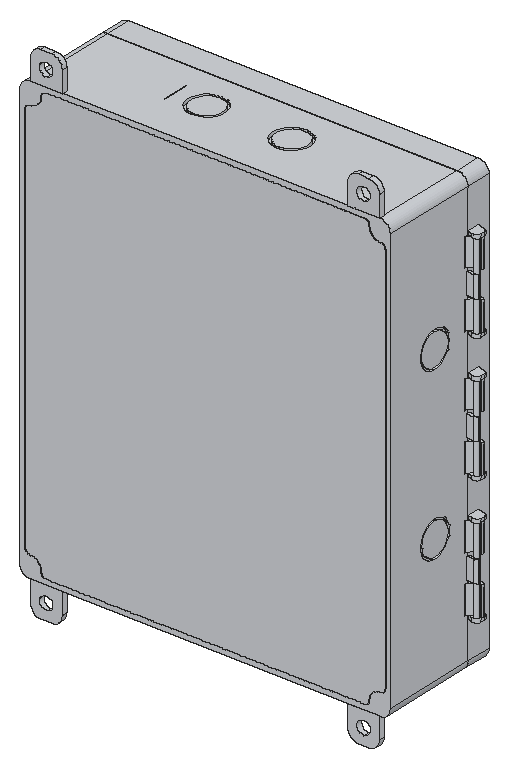
Revit family "Gas-Detectors-Control-Panel_GDCP-Touch_Brasch", category Generic Models, Revit 2025
Family settings
  Can host rebar = No
  Round Connector Dimension = Use Diameter
  Part Type = Normal
  Work Plane-Based = No
  Always vertical = Yes
  Cut with Voids When Loaded = No
  Maintain Annotation Orientation = No
  Shared = No
  Room Calculation Point = No
Parameters (values of type "GDCP-Touch, without any internal sensors")
  WIDTH = 8.72"
  URL = "https://braschenvtech.com/"
  Specification = "https://www.arcat.com/company/brasch-environmental-technologies-52580/spec"
  Product Page URL = "https://www.arcat.com/company/brasch-environmental-technologies-52580"
  Material = Gray
  Manufacturer = "Brasch Environmental Technologies"  # constant formula
  Keynote = "28 42 15"
  Input Voltage = "24 VAC"
  HEIGHT = 10.50"
  Default Elevation = 0.00"
  DEPTH = 2.90"
  Copyright = "@ARCAT"  # constant formula
  CAD Details = "https://www.arcat.com/company/brasch-environmental-technologies-52580/cad"
Reference planes (in)
  plane 1 "Center (Front/Back)": y = 0
  plane 2: z = 0
  plane 3 "Center (Left/Right)": x = 0
Forms (in)
  Extrusion 1, solid
    sketch origin (-4.37285, 0, 10.44843) x (0, 0, 1) y (-1, 0, 0)
      loop
        line (0.05157, -8.195) -> (0.05157, 0.025)
        arc (0.05157, 0.025) -> (-0.02165, 0.20178) -> (-0.19843, 0.275) r 0.25
        line (-0.19843, 0.275) -> (-10.19843, 0.275)
        arc (-10.19843, 0.275) -> (-10.37521, 0.20178) -> (-10.44843, 0.025) r 0.25
        line (-10.44843, 0.025) -> (-10.44843, -8.195)
        arc (-10.44843, -8.195) -> (-10.37521, -8.37178) -> (-10.19843, -8.445) r 0.25
        line (-10.19843, -8.445) -> (-0.19843, -8.445)
        arc (-0.19843, -8.445) -> (-0.02165, -8.37178) -> (0.05157, -8.195) r 0.25
      loop
        arc (-0.06843, -0.34997) -> (-0.10549, -0.26133) -> (-0.19462, -0.22546) r 0.12452
        arc (-0.19462, -0.22546) -> (-0.37407, -0.15113) -> (-0.44841, 0.02833) r 0.25379
        arc (-0.44841, 0.02833) -> (-0.48442, 0.1178) -> (-0.5734, 0.155) r 0.125
        line (-0.5734, 0.155) -> (-9.82346, 0.155)
        arc (-9.82346, 0.155) -> (-9.91244, 0.1178) -> (-9.94845, 0.02833) r 0.125
        arc (-9.94845, 0.02833) -> (-10.02279, -0.15113) -> (-10.20225, -0.22546) r 0.25379
        arc (-10.20225, -0.22546) -> (-10.29137, -0.26133) -> (-10.32843, -0.34997) r 0.12452
        line (-10.32843, -0.34997) -> (-10.32843, -7.82003)
        arc (-10.32843, -7.82003) -> (-10.29137, -7.90867) -> (-10.20225, -7.94454) r 0.12452
        arc (-10.20225, -7.94454) -> (-10.02279, -8.01887) -> (-9.94845, -8.19833) r 0.25379
        arc (-9.94845, -8.19833) -> (-9.91244, -8.2878) -> (-9.82346, -8.325) r 0.125
        line (-9.82346, -8.325) -> (-0.5734, -8.325)
        arc (-0.5734, -8.325) -> (-0.48442, -8.2878) -> (-0.44841, -8.19833) r 0.125
        arc (-0.44841, -8.19833) -> (-0.37407, -8.01887) -> (-0.19462, -7.94454) r 0.25379
        arc (-0.19462, -7.94454) -> (-0.10549, -7.90867) -> (-0.06843, -7.82003) r 0.12452
        line (-0.06843, -7.82003) -> (-0.06843, -0.34997)
    from 0 to -2.331
  Extrusion 2, solid
    sketch origin (0, 0, 0) x (1, 0, 0) y (0, 1, 0)
      loop
        line (4.1498, 2.38521) -> (4.07215, 2.276) -> (4.07215, 2.148)
        arc (4.07215, 2.148) -> (4.07469, 2.16427) -> (4.08205, 2.179) r 0.0535
        line (4.08205, 2.179) -> (4.20394, 2.35045)
        arc (4.20394, 2.35045) -> (4.25204, 2.37527) -> (4.30014, 2.35045) r 0.05902
        line (4.30014, 2.35045) -> (4.33643, 2.35045)
        arc (4.33643, 2.35045) -> (4.35667, 2.35809) -> (4.35724, 2.37971) r 0.01939
        arc (4.35724, 2.37971) -> (4.25498, 2.43774) -> (4.1498, 2.38521) r 0.125
    from 8.58333 to 9.25
  Extrusion 3, solid
    sketch origin (0, 0, -1.33333) x (1, 0, 0) y (0, 1, 0)
      loop
        line (4.1498, 2.38521) -> (4.07215, 2.276) -> (4.07215, 2.148)
        arc (4.07215, 2.148) -> (4.07469, 2.16427) -> (4.08205, 2.179) r 0.0535
        line (4.08205, 2.179) -> (4.20394, 2.35045)
        arc (4.20394, 2.35045) -> (4.25204, 2.37527) -> (4.30014, 2.35045) r 0.05902
        line (4.30014, 2.35045) -> (4.33643, 2.35045)
        arc (4.33643, 2.35045) -> (4.35667, 2.35809) -> (4.35724, 2.37971) r 0.01939
        arc (4.35724, 2.37971) -> (4.25498, 2.43774) -> (4.1498, 2.38521) r 0.125
    from 8.58333 to 9.25
  Extrusion 4, solid
    sketch origin (0, 0, -3) x (1, 0, 0) y (0, 1, 0)
      loop
        line (4.1498, 2.38521) -> (4.07215, 2.276) -> (4.07215, 2.148)
        arc (4.07215, 2.148) -> (4.07469, 2.16427) -> (4.08205, 2.179) r 0.0535
        line (4.08205, 2.179) -> (4.20394, 2.35045)
        arc (4.20394, 2.35045) -> (4.25204, 2.37527) -> (4.30014, 2.35045) r 0.05902
        line (4.30014, 2.35045) -> (4.33643, 2.35045)
        arc (4.33643, 2.35045) -> (4.35667, 2.35809) -> (4.35724, 2.37971) r 0.01939
        arc (4.35724, 2.37971) -> (4.25498, 2.43774) -> (4.1498, 2.38521) r 0.125
    from 8.58333 to 9.25
  Extrusion 5, solid
    sketch origin (0, 0, -4.33333) x (1, 0, 0) y (0, 1, 0)
      loop
        line (4.1498, 2.38521) -> (4.07215, 2.276) -> (4.07215, 2.148)
        arc (4.07215, 2.148) -> (4.07469, 2.16427) -> (4.08205, 2.179) r 0.0535
        line (4.08205, 2.179) -> (4.20394, 2.35045)
        arc (4.20394, 2.35045) -> (4.25204, 2.37527) -> (4.30014, 2.35045) r 0.05902
        line (4.30014, 2.35045) -> (4.33643, 2.35045)
        arc (4.33643, 2.35045) -> (4.35667, 2.35809) -> (4.35724, 2.37971) r 0.01939
        arc (4.35724, 2.37971) -> (4.25498, 2.43774) -> (4.1498, 2.38521) r 0.125
    from 8.58333 to 9.25
  Extrusion 6, solid
    sketch origin (0, 0, -6) x (1, 0, 0) y (0, 1, 0)
      loop
        line (4.1498, 2.38521) -> (4.07215, 2.276) -> (4.07215, 2.148)
        arc (4.07215, 2.148) -> (4.07469, 2.16427) -> (4.08205, 2.179) r 0.0535
        line (4.08205, 2.179) -> (4.20394, 2.35045)
        arc (4.20394, 2.35045) -> (4.25204, 2.37527) -> (4.30014, 2.35045) r 0.05902
        line (4.30014, 2.35045) -> (4.33643, 2.35045)
        arc (4.33643, 2.35045) -> (4.35667, 2.35809) -> (4.35724, 2.37971) r 0.01939
        arc (4.35724, 2.37971) -> (4.25498, 2.43774) -> (4.1498, 2.38521) r 0.125
    from 8.58333 to 9.25
  Extrusion 7, solid
    sketch origin (0, 0, -7.33333) x (1, 0, 0) y (0, 1, 0)
      loop
        line (4.1498, 2.38521) -> (4.07215, 2.276) -> (4.07215, 2.148)
        arc (4.07215, 2.148) -> (4.07469, 2.16427) -> (4.08205, 2.179) r 0.0535
        line (4.08205, 2.179) -> (4.20394, 2.35045)
        arc (4.20394, 2.35045) -> (4.25204, 2.37527) -> (4.30014, 2.35045) r 0.05902
        line (4.30014, 2.35045) -> (4.33643, 2.35045)
        arc (4.33643, 2.35045) -> (4.35667, 2.35809) -> (4.35724, 2.37971) r 0.01939
        arc (4.35724, 2.37971) -> (4.25498, 2.43774) -> (4.1498, 2.38521) r 0.125
    from 8.58333 to 9.25
  Extrusion 8, solid
    sketch origin (0, 0, 0) x (1, 0, 0) y (0, 1, 0)
      loop
        line (4.07215, 2.211) -> (4.27015, 2.211)
        arc (4.27015, 2.211) -> (4.31106, 2.21894) -> (4.34602, 2.24159) r 0.10938
        arc (4.34602, 2.24159) -> (4.3507, 2.26348) -> (4.33215, 2.276) r 0.02
        line (4.33215, 2.276) -> (4.30015, 2.276)
        arc (4.30015, 2.276) -> (4.25165, 2.25147) -> (4.20315, 2.276) r 0.0602
        line (4.20315, 2.276) -> (4.07215, 2.276) -> (4.07215, 2.211)
    from 7.99997 to 8.50003
  Extrusion 9, solid
    sketch origin (0, 0, -3) x (1, 0, 0) y (0, 1, 0)
      loop
        line (4.07215, 2.211) -> (4.27015, 2.211)
        arc (4.27015, 2.211) -> (4.31106, 2.21894) -> (4.34602, 2.24159) r 0.10938
        arc (4.34602, 2.24159) -> (4.3507, 2.26348) -> (4.33215, 2.276) r 0.02
        line (4.33215, 2.276) -> (4.30015, 2.276)
        arc (4.30015, 2.276) -> (4.25165, 2.25147) -> (4.20315, 2.276) r 0.0602
        line (4.20315, 2.276) -> (4.07215, 2.276) -> (4.07215, 2.211)
    from 7.99997 to 8.50003
  Extrusion 10, solid
    sketch origin (0, 0, -6) x (1, 0, 0) y (0, 1, 0)
      loop
        line (4.07215, 2.211) -> (4.27015, 2.211)
        arc (4.27015, 2.211) -> (4.31106, 2.21894) -> (4.34602, 2.24159) r 0.10938
        arc (4.34602, 2.24159) -> (4.3507, 2.26348) -> (4.33215, 2.276) r 0.02
        line (4.33215, 2.276) -> (4.30015, 2.276)
        arc (4.30015, 2.276) -> (4.25165, 2.25147) -> (4.20315, 2.276) r 0.0602
        line (4.20315, 2.276) -> (4.07215, 2.276) -> (4.07215, 2.211)
    from 7.99997 to 8.50003
  Extrusion 11, solid
    sketch origin (-4.1404, 0.12, 0.33138) x (0, 0, -1) y (-1, 0, 0)
      loop
        circle (-9.57553, -6.20256) r 0.14
      loop
        circle (-9.57553, -6.20256) r 0.05482
      loop
        circle (-9.57244, -1.5026) r 0.14
      loop
        circle (-9.57244, -1.5026) r 0.05482
      loop
        circle (-4.87594, -1.50149) r 0.14
      loop
        circle (-4.87594, -1.50149) r 0.05482
      loop
        circle (-4.87612, -6.20255) r 0.14
      loop
        circle (-4.87612, -6.20255) r 0.05482
    from 0 to 2.278
  Extrusion 12, solid
    sketch origin (-2.8954, 0.12, -3.98112) x (0, 0, -1) y (-1, 0, 0)
      loop
        circle (-4.87612, -6.20255) r 0.14
      loop
        circle (-4.87612, -6.20255) r 0.06853
      loop
        circle (-4.87612, -5.58255) r 0.14
      loop
        circle (-4.87612, -5.58255) r 0.06853
      loop
        circle (-4.87612, -2.91755) r 0.14
      loop
        circle (-4.87612, -2.91755) r 0.06853
      loop
        circle (-4.87612, -2.29755) r 0.14
      loop
        circle (-4.87612, -2.29755) r 0.06853
      loop
        circle (-4.87612, 0.98731) r 0.14
      loop
        circle (-4.87612, 0.98731) r 0.06853
      loop
        circle (-12.14112, 0.98745) r 0.14
      loop
        circle (-12.14112, 0.98745) r 0.06853
      loop
        circle (-12.14112, -6.20255) r 0.14
      loop
        circle (-12.14112, -6.20255) r 0.06853
      loop
        circle (-13.34612, -4.25005) r 0.14
      loop
        circle (-13.34612, -4.25005) r 0.06853
      loop
        circle (-13.34612, -0.96505) r 0.14
      loop
        circle (-13.34612, -0.96505) r 0.06853
      loop
        circle (-11.03862, -2.60755) r 0.14
      loop
        circle (-11.03862, -2.60755) r 0.06853
      loop
        circle (-9.48612, -0.96505) r 0.14
      loop
        circle (-9.48612, -0.96505) r 0.06853
      loop
        circle (-9.48612, -4.25005) r 0.14
      loop
        circle (-9.48612, -4.25005) r 0.06853
      loop
        circle (-9.88824, -6.211) r 0.14
      loop
        circle (-9.88824, -6.211) r 0.06853
      loop
        circle (-8.73612, -6.20255) r 0.14
      loop
        circle (-8.73612, -6.20255) r 0.06853
      loop
        circle (-8.73612, -5.58255) r 0.14
      loop
        circle (-8.73612, -5.58255) r 0.06853
      loop
        circle (-8.73612, -2.91755) r 0.14
      loop
        circle (-8.73612, -2.91755) r 0.06853
      loop
        circle (-8.73612, -2.29755) r 0.14
      loop
        circle (-8.73612, -2.29755) r 0.06853
      loop
        circle (-8.73612, 0.98745) r 0.14
      loop
        circle (-8.73612, 0.98745) r 0.06853
      loop
        circle (-9.93612, 0.98745) r 0.14
      loop
        circle (-9.93612, 0.98745) r 0.06853
    from 0 to 0.4
  Extrusion 13, solid
    sketch origin (-2.7504, 0.12, -4.27612) x (0, 0, -1) y (-1, 0, 0)
      loop
        circle (-4.87612, -6.20255) r 0.14
      loop
        circle (-4.87612, -6.20255) r 0.06853
      loop
        circle (-4.87612, 1.27745) r 0.14
      loop
        circle (-4.87612, 1.27745) r 0.06853
      loop
        circle (-14.17612, 1.27745) r 0.14
      loop
        circle (-14.17612, 1.27745) r 0.06853
      loop
        circle (-14.17612, -6.20255) r 0.14
      loop
        circle (-14.17612, -6.20255) r 0.06853
      loop
        circle (-9.52612, -2.46255) r 0.14
      loop
        circle (-9.52612, -2.46255) r 0.06853
    from 0 to 0.2
  Extrusion 14, solid
    sketch origin (1.94394, 0.7353, 5.1325) x (0, 1, 0) y (-1, 0, 0)
      loop
        line (-0.6153, 0.44574) -> (-0.6153, 0.00939) -> (-0.01296, 0.00939) -> (-0.6153, 0.44574)
      loop
        line (0, 4.46357) -> (-0.6153, 4.46357) -> (-0.6153, 4.01783) -> (0, 4.46357)
    from 0 to 0.15
  Extrusion 15, solid
    sketch origin (1.94393, 0.7353, 9.8315) x (0, 1, 0) y (-1, 0, 0)
      loop
        line (-0.6153, 0.44574) -> (-0.6153, 0.00939) -> (-0.01296, 0.00939) -> (-0.6153, 0.44574)
      loop
        line (0, 4.46357) -> (-0.6153, 4.46357) -> (-0.6153, 4.01783) -> (0, 4.46357)
    from 0 to 0.15
  Extrusion 16, solid
    sketch origin (-2.56285, 0.7353, 5.32572) x (0, 0, -1) y (0, 1, 0)
      loop
        line (0, 0) -> (-0.44574, -0.6153) -> (0, -0.6153) -> (0, 0)
      loop
        line (-4.46357, -0.6153) -> (-4.01683, -0.6153) -> (-4.46357, 0.00138) -> (-4.46357, -0.6153)
    from 0 to -0.15
  Extrusion 17, solid
    sketch origin (2.13635, 0.7353, 5.32572) x (0, 0, -1) y (0, 1, 0)
      loop
        line (0, 0) -> (-0.44574, -0.6153) -> (0, -0.6153) -> (0, 0)
      loop
        line (-4.46357, -0.6153) -> (-4.01683, -0.6153) -> (-4.46357, 0.00138) -> (-4.46357, -0.6153)
    from 0 to -0.15
  Extrusion 18, solid
    sketch origin (-4.1404, 0.12, 0.33138) x (0, 0, -1) y (-1, 0, 0)
      loop
        line (-10.04862, -0.11752) -> (-10.04862, -7.58759)
        arc (-10.04862, -7.58759) -> (-10.01156, -7.67622) -> (-9.92244, -7.7121) r 0.12452
        arc (-9.92244, -7.7121) -> (-9.74298, -7.78643) -> (-9.66864, -7.96589) r 0.25379
        arc (-9.66864, -7.96589) -> (-9.63263, -8.05535) -> (-9.54366, -8.09256) r 0.125
        line (-9.54366, -8.09256) -> (-0.29359, -8.09256)
        arc (-0.29359, -8.09256) -> (-0.20461, -8.05535) -> (-0.1686, -7.96589) r 0.125
        arc (-0.1686, -7.96589) -> (-0.09427, -7.78643) -> (0.08519, -7.7121) r 0.25379
        arc (0.08519, -7.7121) -> (0.17432, -7.67622) -> (0.21138, -7.58759) r 0.12452
        line (0.21138, -7.58759) -> (0.21138, -0.11752)
        arc (0.21138, -0.11752) -> (0.17432, -0.02889) -> (0.08519, 0.00698) r 0.12452
        arc (0.08519, 0.00698) -> (-0.09427, 0.08132) -> (-0.1686, 0.26078) r 0.25379
        arc (-0.1686, 0.26078) -> (-0.20461, 0.35024) -> (-0.29359, 0.38744) r 0.125
        line (-0.29359, 0.38744) -> (-9.54366, 0.38744)
        arc (-9.54366, 0.38744) -> (-9.63263, 0.35024) -> (-9.66864, 0.26078) r 0.125
        arc (-9.66864, 0.26078) -> (-9.74298, 0.08132) -> (-9.92244, 0.00698) r 0.25379
        arc (-9.92244, 0.00698) -> (-10.01156, -0.02889) -> (-10.04862, -0.11752) r 0.12452
    from 0 to -0.12
  Extrusion 19, solid
    sketch origin (-4.1404, 0.12, 0.33138) x (0, 0, -1) y (-1, 0, 0)
      loop
        line (0.83138, 0.25744) -> (0.33138, 0.25744) -> (0.33138, -0.49256) -> (0.83138, -0.49256)
        arc (0.83138, -0.49256) -> (1.00815, -0.41933) -> (1.08138, -0.24256) r 0.25
        line (1.08138, -0.24256) -> (1.08138, 0.00744)
        arc (1.08138, 0.00744) -> (1.00815, 0.18422) -> (0.83138, 0.25744) r 0.25
      loop
        line (0.83138, -7.21256) -> (0.33138, -7.21256) -> (0.33138, -7.96256) -> (0.83138, -7.96256)
        arc (0.83138, -7.96256) -> (1.00815, -7.88933) -> (1.08138, -7.71256) r 0.25
        line (1.08138, -7.71256) -> (1.08138, -7.46256)
        arc (1.08138, -7.46256) -> (1.00815, -7.28578) -> (0.83138, -7.21256) r 0.25
      loop
        circle (0.70638, -0.11756) r 0.16
      loop
        circle (0.70638, -7.58756) r 0.16
      loop
        arc (-10.66862, 0.25744) -> (-10.8454, 0.18422) -> (-10.91862, 0.00744) r 0.25
        line (-10.91862, 0.00744) -> (-10.91862, -0.24256)
        arc (-10.91862, -0.24256) -> (-10.8454, -0.41933) -> (-10.66862, -0.49256) r 0.25
        line (-10.66862, -0.49256) -> (-10.16862, -0.49256) -> (-10.16862, 0.25744) -> (-10.66862, 0.25744)
      loop
        arc (-10.66862, -7.21256) -> (-10.8454, -7.28578) -> (-10.91862, -7.46256) r 0.25
        line (-10.91862, -7.46256) -> (-10.91862, -7.71256)
        arc (-10.91862, -7.71256) -> (-10.8454, -7.88933) -> (-10.66862, -7.96256) r 0.25
        line (-10.66862, -7.96256) -> (-10.16862, -7.96256) -> (-10.16862, -7.21256) -> (-10.66862, -7.21256)
      loop
        circle (-10.54362, -0.11756) r 0.16
      loop
        circle (-10.54362, -7.58756) r 0.16
    from 0 to -0.12
  Extrusion 20, void
    sketch origin (-4.64785, 0, 10.25) x (0, 0, 1) y (0, -1, 0)
      loop
        circle (-3, -1.3) r 0.4375
      loop
        circle (-3, -1.3) r 0.375
      loop
        circle (-7.00175, -1.30665) r 0.4375
      loop
        circle (-7.00175, -1.30665) r 0.375
    from 0 to 0.066
  Extrusion 21, void
    sketch origin (4.07215, 0, 10.25) x (0, 0, 1) y (0, 1, 0)
      loop
        circle (-3, 1.3) r 0.4375
      loop
        circle (-3, 1.3) r 0.375
      loop
        circle (-7.00175, 1.30665) r 0.4375
      loop
        circle (-7.00175, 1.30665) r 0.375
    from 0 to 0.066
  Extrusion 22, void
    sketch origin (3.82215, 0, 10.5) x (0, -1, 0) y (-1, 0, 0)
      loop
        circle (-1.3, 3.11) r 0.4375
      loop
        circle (-1.3, 3.11) r 0.375
      loop
        circle (-1.3, 5.11) r 0.4375
      loop
        circle (-1.3, 5.11) r 0.375
    from 0 to 0.066
  Extrusion 23, void
    sketch origin (3.82215, 0, 0) x (1, 0, 0) y (0, 1, 0)
      loop
        circle (-4.11, 1.3) r 0.4375
      loop
        circle (-4.11, 1.3) r 0.375
      loop
        circle (-6.11, 1.3) r 0.4375
      loop
        circle (-6.11, 1.3) r 0.375
      loop
        circle (-2.11, 1.3) r 0.4375
      loop
        circle (-2.11, 1.3) r 0.375
    from 0 to 0.066
  Extrusion 24, void
    sketch origin (-4.1404, 0.12, 0.33138) x (0, 0, 1) y (-1, 0, 0)
      loop
        circle (9.91862, -7.96256) r 0.095
      loop
        circle (9.91862, 0.25744) r 0.095
      loop
        circle (-0.08138, 0.25744) r 0.095
      loop
        circle (-0.08138, -7.96256) r 0.095
    from 0 to -2.211
  Extrusion 25, void
    sketch origin (-4.1404, 0.12, 0.33138) x (0, 0, 1) y (-1, 0, 0)
      loop
        arc (0.11752, -7.96526) -> (0.1677, -8.08884) -> (0.2908, -8.14017) r 0.17328
        line (0.2908, -8.14017) -> (9.53397, -8.14017)
        arc (9.53397, -8.14017) -> (9.65805, -8.08761) -> (9.70665, -7.96192) r 0.17276
        arc (9.70665, -7.96192) -> (9.76671, -7.81193) -> (9.91574, -7.74951) r 0.20912
        arc (9.91574, -7.74951) -> (10.05002, -7.70032) -> (10.10658, -7.56896) r 0.18083
        line (10.10658, -7.56896) -> (10.10658, -0.1171)
        arc (10.10658, -0.1171) -> (10.06269, 0.00019) -> (9.95259, 0.05987) r 0.17868
        arc (9.95259, 0.05987) -> (9.79087, 0.1073) -> (9.72085, 0.2606) r 0.2028
        arc (9.72085, 0.2606) -> (9.67059, 0.38594) -> (9.54602, 0.43809) r 0.17486
        line (9.54602, 0.43809) -> (0.29665, 0.43809)
        arc (0.29665, 0.43809) -> (0.17157, 0.3861) -> (0.12017, 0.26078) r 0.17649
        arc (0.12017, 0.26078) -> (0.06099, 0.11654) -> (-0.08244, 0.05543) r 0.20536
        arc (-0.08244, 0.05543) -> (-0.20825, 0.00618) -> (-0.26095, -0.11821) r 0.1741
        line (-0.26095, -0.11821) -> (-0.26095, -7.58775)
        arc (-0.26095, -7.58775) -> (-0.20934, -7.71155) -> (-0.08507, -7.76202) r 0.17428
        arc (-0.08507, -7.76202) -> (0.05822, -7.82177) -> (0.11752, -7.96526) r 0.20324
      loop
        line (-0.33138, 0.25744) -> (-0.33138, -7.96256)
        arc (-0.33138, -7.96256) -> (-0.25815, -8.13933) -> (-0.08138, -8.21256) r 0.25
        line (-0.08138, -8.21256) -> (9.91862, -8.21256)
        arc (9.91862, -8.21256) -> (10.0954, -8.13933) -> (10.16862, -7.96256) r 0.25
        line (10.16862, -7.96256) -> (10.16862, 0.25744)
        arc (10.16862, 0.25744) -> (10.0954, 0.43422) -> (9.91862, 0.50744) r 0.25
        line (9.91862, 0.50744) -> (-0.08138, 0.50744)
        arc (-0.08138, 0.50744) -> (-0.25815, 0.43422) -> (-0.33138, 0.25744) r 0.25
    from -2.156 to -2.211
Cuts and joins
  Extrusion 20, Extrusion 21, Extrusion 22, Extrusion 23, Extrusion 24, Extrusion 25 cuts Extrusion 1
Dimensions and locks (in)
  aligned and locked: plane 2 to level
Nested families (in)
  nested 1: "GDCP lid" at (-0.28689, 2.77823, 0) x (-1, 0, 0) z (0, 0, 1), type "GDCP lid"
Definition of nested family "GDCP lid"
  Parameters
    Default Elevation = 0.00"
  Reference planes (in)
    plane 1 "Center (Front/Back)": y = 0
    plane 2: z = 0
    plane 3 "Center (Left/Right)": x = 0
  Forms (in)
    Extrusion 1, solid
      sketch origin (3.15, 0.11, 9.8) x (0, 0, 1) y (1, 0, 0)
        loop
          line (0.7, -7.26) -> (0.7, 0.96)
          arc (0.7, 0.96) -> (0.62678, 1.13678) -> (0.45, 1.21) r 0.25
          line (0.45, 1.21) -> (-9.55, 1.21)
          arc (-9.55, 1.21) -> (-9.72678, 1.13678) -> (-9.8, 0.96) r 0.25
          line (-9.8, 0.96) -> (-9.8, -7.26)
          arc (-9.8, -7.26) -> (-9.72678, -7.43678) -> (-9.55, -7.51) r 0.25
          line (-9.55, -7.51) -> (0.45, -7.51)
          arc (0.45, -7.51) -> (0.62678, -7.43678) -> (0.7, -7.26) r 0.25
        loop
          arc (0.48, 0.58503) -> (0.19365, 0.70365) -> (0.07503, 0.99) r 0.40497
          line (0.07503, 0.99) -> (-9.17503, 0.99)
          arc (-9.17503, 0.99) -> (-9.29365, 0.70365) -> (-9.58, 0.58503) r 0.40497
          line (-9.58, 0.58503) -> (-9.58, -6.88503)
          arc (-9.58, -6.88503) -> (-9.29365, -7.00365) -> (-9.17503, -7.29) r 0.40497
          line (-9.17503, -7.29) -> (0.07503, -7.29)
          arc (0.07503, -7.29) -> (0.19365, -7.00365) -> (0.48, -6.88503) r 0.40497
          line (0.48, -6.88503) -> (0.48, 0.58503)
      from 0 to -0.61
    Extrusion 2, solid
      sketch origin (3.15, 0.11, 9.8) x (0, 0, 1) y (1, 0, 0)
        loop
          line (0.07503, 0.99) -> (-9.17503, 0.99)
          arc (-9.17503, 0.99) -> (-9.29365, 0.70365) -> (-9.58, 0.58503) r 0.40497
          line (-9.58, 0.58503) -> (-9.58, -6.88503)
          arc (-9.58, -6.88503) -> (-9.29365, -7.00365) -> (-9.17503, -7.29) r 0.40497
          line (-9.17503, -7.29) -> (0.07503, -7.29)
          arc (0.07503, -7.29) -> (0.19365, -7.00365) -> (0.48, -6.88503) r 0.40497
          line (0.48, -6.88503) -> (0.48, 0.58503)
          arc (0.48, 0.58503) -> (0.19365, 0.70365) -> (0.07503, 0.99) r 0.40497
      from 0 to -0.11
    Extrusion 3, void
      sketch origin (3.15, 0.11, 9.8) x (0, 0, 1) y (1, 0, 0)
        loop
          line (-9.17396, -7.345) -> (0.07503, -7.345)
          arc (0.07503, -7.345) -> (0.13236, -7.32126) -> (0.1561, -7.26393) r 0.08107
          arc (0.1561, -7.26393) -> (0.25319, -7.04324) -> (0.47998, -6.96138) r 0.30599
          arc (0.47998, -6.96138) -> (0.51645, -6.93752) -> (0.535, -6.8981) r 0.08
          line (0.535, -6.8981) -> (0.535, 0.5981)
          arc (0.535, 0.5981) -> (0.51645, 0.63752) -> (0.47998, 0.66138) r 0.08
          arc (0.47998, 0.66138) -> (0.25319, 0.74324) -> (0.1561, 0.96393) r 0.30599
          arc (0.1561, 0.96393) -> (0.13236, 1.02126) -> (0.07503, 1.045) r 0.08107
          line (0.07503, 1.045) -> (-9.17396, 1.045)
          arc (-9.17396, 1.045) -> (-9.23128, 1.02126) -> (-9.25503, 0.96393) r 0.08107
          arc (-9.25503, 0.96393) -> (-9.35212, 0.74324) -> (-9.57891, 0.66138) r 0.30599
          arc (-9.57891, 0.66138) -> (-9.61947, 0.6324) -> (-9.635, 0.58503) r 0.08
          line (-9.635, 0.58503) -> (-9.635, -6.88503)
          arc (-9.635, -6.88503) -> (-9.61947, -6.9324) -> (-9.57891, -6.96138) r 0.08
          arc (-9.57891, -6.96138) -> (-9.35212, -7.04324) -> (-9.25503, -7.26393) r 0.30599
          arc (-9.25503, -7.26393) -> (-9.23128, -7.32126) -> (-9.17396, -7.345) r 0.08107
        loop
          arc (0.07611, -7.445) -> (0.18268, -7.41006) -> (0.24788, -7.31879) r 0.18
          arc (0.24788, -7.31879) -> (0.31568, -7.1246) -> (0.50987, -7.05681) r 0.23668
          arc (0.50987, -7.05681) -> (0.60673, -6.98353) -> (0.635, -6.8654) r 0.18
          line (0.635, -6.8654) -> (0.635, 0.5654)
          arc (0.635, 0.5654) -> (0.60673, 0.68353) -> (0.50987, 0.75681) r 0.18
          arc (0.50987, 0.75681) -> (0.31568, 0.8246) -> (0.24788, 1.01879) r 0.23668
          arc (0.24788, 1.01879) -> (0.18268, 1.11006) -> (0.07611, 1.145) r 0.18
          line (0.07611, 1.145) -> (-9.17503, 1.145)
          arc (-9.17503, 1.145) -> (-9.28161, 1.11006) -> (-9.34681, 1.01879) r 0.18
          arc (-9.34681, 1.01879) -> (-9.4146, 0.8246) -> (-9.60879, 0.75681) r 0.23668
          arc (-9.60879, 0.75681) -> (-9.70006, 0.69161) -> (-9.735, 0.58503) r 0.18
          line (-9.735, 0.58503) -> (-9.735, -6.88503)
          arc (-9.735, -6.88503) -> (-9.70006, -6.99161) -> (-9.60879, -7.05681) r 0.18
          arc (-9.60879, -7.05681) -> (-9.4146, -7.1246) -> (-9.34681, -7.31879) r 0.23668
          arc (-9.34681, -7.31879) -> (-9.28161, -7.41006) -> (-9.17503, -7.445) r 0.18
          line (-9.17503, -7.445) -> (0.07611, -7.445)
      from -0.61 to -0.512
    Extrusion 4, void
      sketch origin (3.15, 0.11, 9.8) x (0, 0, 1) y (1, 0, 0)
        loop
          circle (0.45, -7.26) r 0.0705
        loop
          circle (0.45, 0.96) r 0.0705
        loop
          circle (-9.55, 0.96) r 0.0705
        loop
          circle (-9.55, -7.26) r 0.0705
      from -0.04 to -0.61
    Extrusion 5, solid
      sketch origin (-4.505, -0.40438, 9.2625) x (0, 1, 0) y (-1, 0, 0)
        loop
          arc (0.11037, 0.08715) -> (0.08218, 0.12192) -> (0.03938, 0.135) r 0.07659
          line (0.03938, 0.135) -> (-0.06062, 0.135)
          arc (-0.06062, 0.135) -> (-0.14355, 0.09089) -> (-0.15331, -0.00253) r 0.1
          line (-0.15331, -0.00253) -> (-0.09562, -0.145) -> (0.20438, -0.145) -> (0.11037, 0.08715)
      from 0 to 0.075
    Extrusion 6, solid
      sketch origin (-4.505, -0.40438, 7.1525) x (0, 1, 0) y (-1, 0, 0)
        loop
          arc (0.11037, 0.08715) -> (0.08218, 0.12192) -> (0.03938, 0.135) r 0.07659
          line (0.03938, 0.135) -> (-0.06062, 0.135)
          arc (-0.06062, 0.135) -> (-0.14355, 0.09089) -> (-0.15331, -0.00253) r 0.1
          line (-0.15331, -0.00253) -> (-0.09562, -0.145) -> (0.20438, -0.145) -> (0.11037, 0.08715)
      from 0.01 to 0.085
    Extrusion 7, solid
      sketch origin (-4.505, -0.40438, 9.2625) x (0, 1, 0) y (-1, 0, 0)
        loop
          circle (-0.06062, 0.03503) r 0.06027
      from -2.025 to 0
    Extrusion 8, solid
      sketch origin (-4.505, -0.40438, 6.2625) x (0, 1, 0) y (-1, 0, 0)
        loop
          arc (0.11037, 0.08715) -> (0.08218, 0.12192) -> (0.03938, 0.135) r 0.07659
          line (0.03938, 0.135) -> (-0.06062, 0.135)
          arc (-0.06062, 0.135) -> (-0.14355, 0.09089) -> (-0.15331, -0.00253) r 0.1
          line (-0.15331, -0.00253) -> (-0.09562, -0.145) -> (0.20438, -0.145) -> (0.11037, 0.08715)
      from 0 to 0.075
    Extrusion 9, solid
      sketch origin (-4.505, -0.40438, 4.1525) x (0, 1, 0) y (-1, 0, 0)
        loop
          arc (0.11037, 0.08715) -> (0.08218, 0.12192) -> (0.03938, 0.135) r 0.07659
          line (0.03938, 0.135) -> (-0.06062, 0.135)
          arc (-0.06062, 0.135) -> (-0.14355, 0.09089) -> (-0.15331, -0.00253) r 0.1
          line (-0.15331, -0.00253) -> (-0.09562, -0.145) -> (0.20438, -0.145) -> (0.11037, 0.08715)
      from 0.01 to 0.085
    Extrusion 10, solid
      sketch origin (-4.505, -0.40438, 6.2625) x (0, 1, 0) y (-1, 0, 0)
        loop
          circle (-0.06062, 0.03503) r 0.06027
      from -2.025 to 0
    Extrusion 11, solid
      sketch origin (-4.505, -0.40438, 3.2625) x (0, 1, 0) y (-1, 0, 0)
        loop
          arc (0.11037, 0.08715) -> (0.08218, 0.12192) -> (0.03938, 0.135) r 0.07659
          line (0.03938, 0.135) -> (-0.06062, 0.135)
          arc (-0.06062, 0.135) -> (-0.14355, 0.09089) -> (-0.15331, -0.00253) r 0.1
          line (-0.15331, -0.00253) -> (-0.09562, -0.145) -> (0.20438, -0.145) -> (0.11037, 0.08715)
      from 0 to 0.075
    Extrusion 12, solid
      sketch origin (-4.505, -0.40438, 1.1525) x (0, 1, 0) y (-1, 0, 0)
        loop
          arc (0.11037, 0.08715) -> (0.08218, 0.12192) -> (0.03938, 0.135) r 0.07659
          line (0.03938, 0.135) -> (-0.06062, 0.135)
          arc (-0.06062, 0.135) -> (-0.14355, 0.09089) -> (-0.15331, -0.00253) r 0.1
          line (-0.15331, -0.00253) -> (-0.09562, -0.145) -> (0.20438, -0.145) -> (0.11037, 0.08715)
      from 0.01 to 0.085
    Extrusion 13, solid
      sketch origin (-4.505, -0.40438, 3.2625) x (0, 1, 0) y (-1, 0, 0)
        loop
          circle (-0.06062, 0.03503) r 0.06027
      from -2.025 to 0
    Extrusion 14, void
      sketch origin (4.24673, 0.12, 10.20024) x (0, 0, 1) y (1, 0, 0)
        loop
          circle (0.04976, -0.13673) r 0.1455
        loop
          circle (-9.95024, -0.13673) r 0.1455
      from 0 to -0.05
  Cuts and joins
    Extrusion 3, Extrusion 4, Extrusion 14 cuts Extrusion 1
  Dimensions and locks (in)
    aligned and locked: plane 2 to level
